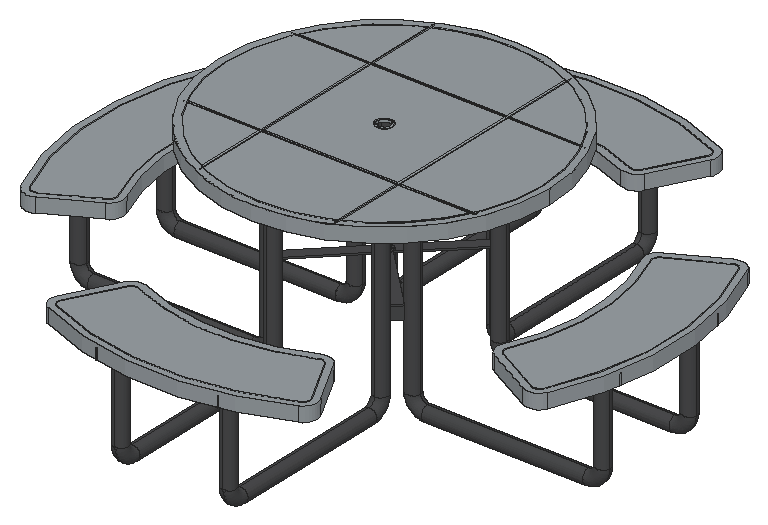
Revit family "OF-T46ROx-PERF", category Furniture, Revit 2020
Family settings
  Work Plane-Based = No
  Always vertical = Yes
  Cut with Voids When Loaded = No
  Shared = No
  Room Calculation Point = No
Parameters (values of type "OF-T46ROP-PERF")
  Top Panel [instance] = Getzen Gray Perforated
  Top Frame [instance] = Getzen Gray Solid
  Seat Panel [instance] = Getzen Gray Perforated
  Seat Frame [instance] = Getzen Gray Solid
  HS Seat Count = 8
  Frame [instance] = Getzen Black Solid
  Surface Mount = no
  Mount = no
  Model = "OF-T46ROP-PERF"
  In Ground = no
  ES Seat Count = 8
  Default Elevation = 0' - 0"
Types (3): name | Surface Mount | Mount | Model | In Ground
  OF-T46ROIG-PERF | no | yes | "OF-T46ROIG-PERF" | yes
  OF-T46ROP-PERF | no | no | "OF-T46ROP-PERF" | no
  OF-T46ROSM-PERF | yes | yes | "OF-T46ROSM-PERF" | no
Reference planes (in)
  plane 1 "Center (Front/Back)": y = 0
  plane 2: z = 0
  plane 3 "Center (Left/Right)": x = 0
  plane 4 "29"": z = 29.5
  plane 5 "Seat Height": z = 16.5
Forms (in)
  Extrusion 1, solid, material "Getzen Gray Solid" <- "Seat Frame"
    sketch origin (0, 0, 0) x (1, 0, 0) y (0, 1, 0)
      loop
        arc (-36.58456, -17.37296) -> (-35.39958, -18.41597) -> (-33.8273, -18.27467) r 2
        line (-33.8273, -18.27467) -> (-26.99715, -14.58479)
        arc (-26.99715, -14.58479) -> (-26.05096, -13.45927) -> (-26.13003, -11.991) r 2
        arc (-26.13003, -11.991) -> (-28.75, 0) -> (-26.13003, 11.991) r 28.75
        arc (-26.13003, 11.991) -> (-26.05096, 13.45927) -> (-26.99715, 14.58479) r 2
        line (-26.99715, 14.58479) -> (-33.8273, 18.27467)
        arc (-33.8273, 18.27467) -> (-35.39958, 18.41597) -> (-36.58456, 17.37296) r 2
        arc (-36.58456, 17.37296) -> (-40.5, 0) -> (-36.58456, -17.37296) r 40.5
      loop
        arc (-35.68124, 16.944) -> (-39.5, 0) -> (-35.68124, -16.944) r 39.5
        arc (-35.68124, -16.944) -> (-35.08875, -17.4655) -> (-34.30261, -17.39486) r 1
        line (-34.30261, -17.39486) -> (-27.47246, -13.70497)
        arc (-27.47246, -13.70497) -> (-26.99936, -13.14221) -> (-27.0389, -12.40808) r 1
        arc (-27.0389, -12.40808) -> (-29.75, 0) -> (-27.0389, 12.40808) r 29.75
        arc (-27.0389, 12.40808) -> (-26.99936, 13.14221) -> (-27.47246, 13.70497) r 1
        line (-27.47246, 13.70497) -> (-34.30261, 17.39486)
        arc (-34.30261, 17.39486) -> (-35.08875, 17.4655) -> (-35.68124, 16.944) r 1
    from 14.5 to 16.5
  Extrusion 2, solid, material "Getzen Gray Perforated" <- "Seat Panel"
    sketch origin (0, 0, 0) x (1, 0, 0) y (0, 1, 0)
      loop
        arc (-34.30261, 17.39486) -> (-35.08875, 17.4655) -> (-35.68124, 16.944) r 1
        arc (-35.68124, 16.944) -> (-39.5, 0) -> (-35.68124, -16.944) r 39.5
        arc (-35.68124, -16.944) -> (-35.08875, -17.4655) -> (-34.30261, -17.39486) r 1
        line (-34.30261, -17.39486) -> (-27.47246, -13.70497)
        arc (-27.47246, -13.70497) -> (-26.99936, -13.14221) -> (-27.0389, -12.40808) r 1
        arc (-27.0389, -12.40808) -> (-29.75, 0) -> (-27.0389, 12.40808) r 29.75
        arc (-27.0389, 12.40808) -> (-26.99936, 13.14221) -> (-27.47246, 13.70497) r 1
        line (-27.47246, 13.70497) -> (-34.30261, 17.39486)
    from 16.375 to 16.5
  Extrusion 3, solid, material "Getzen Gray Solid" <- "Top Frame"
    sketch origin (0, 0, 0) x (1, 0, 0) y (0, 1, 0)
      loop
        circle (0, 0) r 23
      loop
        circle (0, 0) r 22
    from 27.5 to 29.5
  Extrusion 4, solid, material "Getzen Gray Perforated" <- "Top Panel"
    sketch origin (0, 0, 0) x (1, 0, 0) y (0, 1, 0)
      loop
        circle (0, 0) r 22
      loop
        circle (0, 0) r 1.128
    from 29.375 to 29.5
  Extrusion 5, solid, material "Getzen Gray Solid" <- "Seat Frame"
    sketch origin (0, 0, 1.5) x (0, 1, 0) y (0, 0, 1)
      loop
        line (8.5, 13) -> (8.5, 14.5) -> (8.375, 14.5) -> (8.375, 13.125) -> (6.5, 13.125) -> (6.5, 13) -> (8.5, 13)
      loop
        line (-8.5, 13) -> (-6.5, 13) -> (-6.5, 13.125) -> (-8.375, 13.125) -> (-8.375, 14.5) -> (-8.5, 14.5) -> (-8.5, 13)
    from -28.36081 to -39.48813
  Sweep 6, solid, material "Getzen Black Solid" <- "Frame"
    path origin (0, 0, 0) x (1, 0, 0) y (0, 0, 1)
      loop
        line (-10, 27.5) -> (-10, 3)
        arc (-10, 3) -> (-10.58579, 1.58579) -> (-12, 1) r 2
        line (-12, 1) -> (-34.375, 1)
        arc (-34.375, 1) -> (-35.78921, 1.58579) -> (-36.375, 3) r 2
        line (-36.375, 3) -> (-36.375, 14.5)
    profile origin (-10, 0, 15.25) x (0, -1, 0) y (1, 0, 0)
      loop
        circle (7.5, 0) r 1
  Sweep 7, solid, material "Getzen Black Solid" <- "Frame"
    path origin (0, -0.5, 0) x (1, 0, 0) y (0, 0, -1)
      loop
        line (-10, -27.5) -> (-10, -3)
        arc (-10, -3) -> (-10.58579, -1.58579) -> (-12, -1) r 2
        line (-12, -1) -> (-34.375, -1)
        arc (-34.375, -1) -> (-35.78921, -1.58579) -> (-36.375, -3) r 2
        line (-36.375, -3) -> (-36.375, -14.5)
    profile origin (-10, -0.5, 15.25) x (0, 1, 0) y (-1, 0, 0)
      loop
        circle (8, 0) r 1
  Extrusion 8, solid, material "Getzen Gray Solid" <- "Top Frame"
    sketch origin (0, 0, 0) x (1, 0, 0) y (0, 1, 0)
      loop
        line (-9.375, 9.375) -> (-9.375, -9.375) -> (9.375, -9.375) -> (9.375, 9.375) -> (-9.375, 9.375)
      loop
        line (9.625, 9.375) -> (20.375, 9.375) -> (20.125, 9.625) -> (9.625, 9.625) -> (9.625, 20.28281) -> (9.375, 20.375) -> (9.375, 9.625) -> (-9.375, 9.625) -> (-9.375, 20.375) -> (-9.625, 20.28281) -> (-9.625, 9.625) -> (-20.125, 9.625) -> (-20.375, 9.375) -> (-9.625, 9.375) -> (-9.625, -9.375) -> (-20.375, -9.375) -> (-20.125, -9.625) -> (-9.625, -9.625) -> (-9.625, -20.28281) -> (-9.375, -20.375) -> (-9.375, -9.625) -> (9.375, -9.625) -> (9.375, -20.375) -> (9.625, -20.28281) -> (9.625, -9.625) -> (20.125, -9.625) -> (20.375, -9.375) -> (9.625, -9.375) -> (9.625, 9.375)
    from 27.5 to 29.5
  Extrusion 9, solid, material "Getzen Gray Solid" <- "Seat Frame"
    sketch origin (0, 0, 0) x (-1, 0, 0) y (0, -1, 0)
      loop
        arc (-36.58456, 17.37296) -> (-40.5, 0) -> (-36.58456, -17.37296) r 40.5
        arc (-36.58456, -17.37296) -> (-35.39958, -18.41597) -> (-33.8273, -18.27467) r 2
        line (-33.8273, -18.27467) -> (-26.99715, -14.58479)
        arc (-26.99715, -14.58479) -> (-26.05096, -13.45927) -> (-26.13003, -11.991) r 2
        arc (-26.13003, -11.991) -> (-28.75, 0) -> (-26.13003, 11.991) r 28.75
        arc (-26.13003, 11.991) -> (-26.05096, 13.45927) -> (-26.99715, 14.58479) r 2
        line (-26.99715, 14.58479) -> (-33.8273, 18.27467)
        arc (-33.8273, 18.27467) -> (-35.39958, 18.41597) -> (-36.58456, 17.37296) r 2
      loop
        arc (-35.68124, -16.944) -> (-35.08875, -17.4655) -> (-34.30261, -17.39486) r 1
        line (-34.30261, -17.39486) -> (-27.47246, -13.70497)
        arc (-27.47246, -13.70497) -> (-26.99936, -13.14221) -> (-27.0389, -12.40808) r 1
        arc (-27.0389, -12.40808) -> (-29.75, 0) -> (-27.0389, 12.40808) r 29.75
        arc (-27.0389, 12.40808) -> (-26.99936, 13.14221) -> (-27.47246, 13.70497) r 1
        line (-27.47246, 13.70497) -> (-34.30261, 17.39486)
        arc (-34.30261, 17.39486) -> (-35.08875, 17.4655) -> (-35.68124, 16.944) r 1
        arc (-35.68124, 16.944) -> (-39.5, 0) -> (-35.68124, -16.944) r 39.5
    from 14.5 to 16.5
  Extrusion 10, solid, material "Getzen Gray Perforated" <- "Seat Panel"
    sketch origin (0, 0, 0) x (-1, 0, 0) y (0, -1, 0)
      loop
        line (-34.30261, -17.39486) -> (-27.47246, -13.70497)
        arc (-27.47246, -13.70497) -> (-26.99936, -13.14221) -> (-27.0389, -12.40808) r 1
        arc (-27.0389, -12.40808) -> (-29.75, 0) -> (-27.0389, 12.40808) r 29.75
        arc (-27.0389, 12.40808) -> (-26.99936, 13.14221) -> (-27.47246, 13.70497) r 1
        line (-27.47246, 13.70497) -> (-34.30261, 17.39486)
        arc (-34.30261, 17.39486) -> (-35.08875, 17.4655) -> (-35.68124, 16.944) r 1
        arc (-35.68124, 16.944) -> (-39.5, 0) -> (-35.68124, -16.944) r 39.5
        arc (-35.68124, -16.944) -> (-35.08875, -17.4655) -> (-34.30261, -17.39486) r 1
    from 16.375 to 16.5
  Extrusion 11, solid, material "Getzen Gray Solid" <- "Seat Frame"
    sketch origin (0, 0, 1.5) x (0, 1, 0) y (0, 0, -1)
      loop
        line (8.5, -13) -> (6.5, -13) -> (6.5, -13.125) -> (8.375, -13.125) -> (8.375, -14.5) -> (8.5, -14.5) -> (8.5, -13)
      loop
        line (-8.5, -13) -> (-8.5, -14.5) -> (-8.375, -14.5) -> (-8.375, -13.125) -> (-6.5, -13.125) -> (-6.5, -13) -> (-8.5, -13)
    from -28.36081 to -39.48813
  Extrusion 12, solid, material "Getzen Gray Solid" <- "Seat Frame"
    sketch origin (0, 0, 0) x (0, 1, 0) y (-1, 0, 0)
      loop
        arc (-36.58456, -17.37296) -> (-35.39958, -18.41597) -> (-33.8273, -18.27467) r 2
        line (-33.8273, -18.27467) -> (-26.99715, -14.58479)
        arc (-26.99715, -14.58479) -> (-26.05096, -13.45927) -> (-26.13003, -11.991) r 2
        arc (-26.13003, -11.991) -> (-28.75, 0) -> (-26.13003, 11.991) r 28.75
        arc (-26.13003, 11.991) -> (-26.05096, 13.45927) -> (-26.99715, 14.58479) r 2
        line (-26.99715, 14.58479) -> (-33.8273, 18.27467)
        arc (-33.8273, 18.27467) -> (-35.39958, 18.41597) -> (-36.58456, 17.37296) r 2
        arc (-36.58456, 17.37296) -> (-40.5, 0) -> (-36.58456, -17.37296) r 40.5
      loop
        arc (-35.68124, 16.944) -> (-39.5, 0) -> (-35.68124, -16.944) r 39.5
        arc (-35.68124, -16.944) -> (-35.08875, -17.4655) -> (-34.30261, -17.39486) r 1
        line (-34.30261, -17.39486) -> (-27.47246, -13.70497)
        arc (-27.47246, -13.70497) -> (-26.99936, -13.14221) -> (-27.0389, -12.40808) r 1
        arc (-27.0389, -12.40808) -> (-29.75, 0) -> (-27.0389, 12.40808) r 29.75
        arc (-27.0389, 12.40808) -> (-26.99936, 13.14221) -> (-27.47246, 13.70497) r 1
        line (-27.47246, 13.70497) -> (-34.30261, 17.39486)
        arc (-34.30261, 17.39486) -> (-35.08875, 17.4655) -> (-35.68124, 16.944) r 1
    from 14.5 to 16.5
  Extrusion 13, solid, material "Getzen Gray Perforated" <- "Seat Panel"
    sketch origin (0, 0, 0) x (0, 1, 0) y (-1, 0, 0)
      loop
        arc (-34.30261, 17.39486) -> (-35.08875, 17.4655) -> (-35.68124, 16.944) r 1
        arc (-35.68124, 16.944) -> (-39.5, 0) -> (-35.68124, -16.944) r 39.5
        arc (-35.68124, -16.944) -> (-35.08875, -17.4655) -> (-34.30261, -17.39486) r 1
        line (-34.30261, -17.39486) -> (-27.47246, -13.70497)
        arc (-27.47246, -13.70497) -> (-26.99936, -13.14221) -> (-27.0389, -12.40808) r 1
        arc (-27.0389, -12.40808) -> (-29.75, 0) -> (-27.0389, 12.40808) r 29.75
        arc (-27.0389, 12.40808) -> (-26.99936, 13.14221) -> (-27.47246, 13.70497) r 1
        line (-27.47246, 13.70497) -> (-34.30261, 17.39486)
    from 16.375 to 16.5
  Extrusion 14, solid, material "Getzen Gray Solid" <- "Seat Frame"
    sketch origin (0, 0, 1.5) x (-1, 0, 0) y (0, 0, 1)
      loop
        line (8.5, 13) -> (8.5, 14.5) -> (8.375, 14.5) -> (8.375, 13.125) -> (6.5, 13.125) -> (6.5, 13) -> (8.5, 13)
      loop
        line (-8.5, 13) -> (-6.5, 13) -> (-6.5, 13.125) -> (-8.375, 13.125) -> (-8.375, 14.5) -> (-8.5, 14.5) -> (-8.5, 13)
    from -28.36081 to -39.48813
  Extrusion 15, solid, material "Getzen Gray Solid" <- "Seat Frame"
    sketch origin (0, 0, 0) x (0, -1, 0) y (1, 0, 0)
      loop
        arc (-36.58456, 17.37296) -> (-40.5, 0) -> (-36.58456, -17.37296) r 40.5
        arc (-36.58456, -17.37296) -> (-35.39958, -18.41597) -> (-33.8273, -18.27467) r 2
        line (-33.8273, -18.27467) -> (-26.99715, -14.58479)
        arc (-26.99715, -14.58479) -> (-26.05096, -13.45927) -> (-26.13003, -11.991) r 2
        arc (-26.13003, -11.991) -> (-28.75, 0) -> (-26.13003, 11.991) r 28.75
        arc (-26.13003, 11.991) -> (-26.05096, 13.45927) -> (-26.99715, 14.58479) r 2
        line (-26.99715, 14.58479) -> (-33.8273, 18.27467)
        arc (-33.8273, 18.27467) -> (-35.39958, 18.41597) -> (-36.58456, 17.37296) r 2
      loop
        arc (-35.68124, -16.944) -> (-35.08875, -17.4655) -> (-34.30261, -17.39486) r 1
        line (-34.30261, -17.39486) -> (-27.47246, -13.70497)
        arc (-27.47246, -13.70497) -> (-26.99936, -13.14221) -> (-27.0389, -12.40808) r 1
        arc (-27.0389, -12.40808) -> (-29.75, 0) -> (-27.0389, 12.40808) r 29.75
        arc (-27.0389, 12.40808) -> (-26.99936, 13.14221) -> (-27.47246, 13.70497) r 1
        line (-27.47246, 13.70497) -> (-34.30261, 17.39486)
        arc (-34.30261, 17.39486) -> (-35.08875, 17.4655) -> (-35.68124, 16.944) r 1
        arc (-35.68124, 16.944) -> (-39.5, 0) -> (-35.68124, -16.944) r 39.5
    from 14.5 to 16.5
  Extrusion 16, solid, material "Getzen Gray Perforated" <- "Seat Panel"
    sketch origin (0, 0, 0) x (0, -1, 0) y (1, 0, 0)
      loop
        line (-34.30261, -17.39486) -> (-27.47246, -13.70497)
        arc (-27.47246, -13.70497) -> (-26.99936, -13.14221) -> (-27.0389, -12.40808) r 1
        arc (-27.0389, -12.40808) -> (-29.75, 0) -> (-27.0389, 12.40808) r 29.75
        arc (-27.0389, 12.40808) -> (-26.99936, 13.14221) -> (-27.47246, 13.70497) r 1
        line (-27.47246, 13.70497) -> (-34.30261, 17.39486)
        arc (-34.30261, 17.39486) -> (-35.08875, 17.4655) -> (-35.68124, 16.944) r 1
        arc (-35.68124, 16.944) -> (-39.5, 0) -> (-35.68124, -16.944) r 39.5
        arc (-35.68124, -16.944) -> (-35.08875, -17.4655) -> (-34.30261, -17.39486) r 1
    from 16.375 to 16.5
  Extrusion 17, solid, material "Getzen Gray Solid" <- "Seat Frame"
    sketch origin (0, 0, 1.5) x (-1, 0, 0) y (0, 0, -1)
      loop
        line (8.5, -13) -> (6.5, -13) -> (6.5, -13.125) -> (8.375, -13.125) -> (8.375, -14.5) -> (8.5, -14.5) -> (8.5, -13)
      loop
        line (-8.5, -13) -> (-8.5, -14.5) -> (-8.375, -14.5) -> (-8.375, -13.125) -> (-6.5, -13.125) -> (-6.5, -13) -> (-8.5, -13)
    from -28.36081 to -39.48813
  Extrusion 18, solid, material "Getzen Black Solid" <- "Frame"
    sketch origin (0, 0, 0) x (1, 0, 0) y (0, 1, 0)
      loop
        line (-9.375, 8.28062) -> (-1.24327, 0.1489) -> (-0.1489, 1.24327) -> (-8.28062, 9.375) -> (-9.375, 8.28062)
      loop
        line (9.375, 8.28062) -> (8.28062, 9.375) -> (0.1489, 1.24327) -> (1.24327, 0.1489) -> (9.375, 8.28062)
      loop
        line (-9.375, -8.28062) -> (-8.28062, -9.375) -> (-0.1489, -1.24327) -> (-1.24327, -0.1489) -> (-9.375, -8.28062)
      loop
        line (9.375, -8.28062) -> (1.24327, -0.1489) -> (0.1489, -1.24327) -> (8.28062, -9.375) -> (9.375, -8.28062)
    from 13.75 to 14
  Extrusion 19, solid, material "Getzen Black Solid" <- "Frame"
    sketch origin (0, 0, 0) x (1, 0, 0) y (0, 1, 0)
      loop
        circle (0, 0) r 1.128
      loop
        circle (0, 0) r 0.875
    from 12 to 14
  Extrusion 20, solid, material "Getzen Black Solid" <- "Frame"
    sketch origin (0, 0, 0) x (1, 0, 0) y (0, 1, 0)
      loop
        line (-9.375, 8.28062) -> (-9.19822, 8.10385) -> (-8.10385, 9.19822) -> (-8.28062, 9.375) -> (-9.375, 8.28062)
      loop
        line (9.375, 8.28062) -> (8.28062, 9.375) -> (8.10385, 9.19822) -> (9.19822, 8.10385) -> (9.375, 8.28062)
      loop
        line (-9.375, -8.28062) -> (-8.28062, -9.375) -> (-8.10385, -9.19822) -> (-9.19822, -8.10385) -> (-9.375, -8.28062)
      loop
        line (9.375, -8.28062) -> (9.19822, -8.10385) -> (8.10385, -9.19822) -> (8.28062, -9.375) -> (9.375, -8.28062)
    from 12 to 13.75
  Extrusion 21, solid, material "Getzen Gray Solid" <- "Top Frame"
    sketch origin (0, 0, 0) x (1, 0, 0) y (0, 1, 0)
      loop
        circle (0, 0) r 0.875
      loop
        circle (0, 0) r 1.128
    from 29.25 to 29.5
  Extrusion 22, solid, material "Getzen Black Solid" <- "Frame", visible <- "Mount"
    sketch origin (0, 0, 0) x (1, 0, 0) y (0, 1, 0)
      loop
        circle (-23.1875, 9) r 0.75
    from 0 to 0.4257
  Extrusion 23, solid, material "Getzen Hardware", visible <- "Mount"
    sketch origin (0, 0, 0) x (1, 0, 0) y (0, 1, 0)
      loop
        circle (-23.1875, 9) r 0.375
    from 0.25 to 0.5
  Extrusion 24, solid, material "Getzen Hardware", visible <- "Surface Mount"
    sketch origin (0, 0, 0) x (1, 0, 0) y (0, 1, 0)
      loop
        circle (-23.1875, 9) r 1
    from -2 to 0
  Extrusion 25, solid, material "Getzen Hardware", visible <- "In Ground"
    sketch origin (0, 0, 0) x (1, 0, 0) y (0, 1, 0)
      loop
        circle (-23.1875, 9) r 2
    from -8 to 0
  Sweep 26, solid, material "Getzen Black Solid" <- "Frame"
    path origin (0, 0, 0) x (0, -1, 0) y (0, 0, 1)
      loop
        line (-10, 27.5) -> (-10, 3)
        arc (-10, 3) -> (-10.58579, 1.58579) -> (-12, 1) r 2
        line (-12, 1) -> (-34.375, 1)
        arc (-34.375, 1) -> (-35.78921, 1.58579) -> (-36.375, 3) r 2
        line (-36.375, 3) -> (-36.375, 14.5)
    profile origin (0, 10, 15.25) x (-1, 0, 0) y (0, -1, 0)
      loop
        circle (7.5, 0) r 1
  Sweep 27, solid, material "Getzen Black Solid" <- "Frame"
    path origin (-0.5, 0, 0) x (0, -1, 0) y (0, 0, -1)
      loop
        line (-10, -27.5) -> (-10, -3)
        arc (-10, -3) -> (-10.58579, -1.58579) -> (-12, -1) r 2
        line (-12, -1) -> (-34.375, -1)
        arc (-34.375, -1) -> (-35.78921, -1.58579) -> (-36.375, -3) r 2
        line (-36.375, -3) -> (-36.375, -14.5)
    profile origin (-0.5, 10, 15.25) x (1, 0, 0) y (0, 1, 0)
      loop
        circle (8, 0) r 1
  Extrusion 28, solid, material "Getzen Black Solid" <- "Frame", visible <- "Mount"
    sketch origin (0, 0, 0) x (0, -1, 0) y (1, 0, 0)
      loop
        circle (-23.1875, 9) r 0.75
    from 0 to 0.4257
  Extrusion 29, solid, material "Getzen Hardware", visible <- "Mount"
    sketch origin (0, 0, 0) x (0, -1, 0) y (1, 0, 0)
      loop
        circle (-23.1875, 9) r 0.375
    from 0.25 to 0.5
  Sweep 30, solid, material "Getzen Black Solid" <- "Frame"
    path origin (0, 0, 0) x (-1, 0, 0) y (0, 0, 1)
      loop
        line (-10, 27.5) -> (-10, 3)
        arc (-10, 3) -> (-10.58579, 1.58579) -> (-12, 1) r 2
        line (-12, 1) -> (-34.375, 1)
        arc (-34.375, 1) -> (-35.78921, 1.58579) -> (-36.375, 3) r 2
        line (-36.375, 3) -> (-36.375, 14.5)
    profile origin (10, 0, 15.25) x (0, 1, 0) y (-1, 0, 0)
      loop
        circle (7.5, 0) r 1
  Sweep 31, solid, material "Getzen Black Solid" <- "Frame"
    path origin (0, 0.5, 0) x (-1, 0, 0) y (0, 0, -1)
      loop
        line (-10, -27.5) -> (-10, -3)
        arc (-10, -3) -> (-10.58579, -1.58579) -> (-12, -1) r 2
        line (-12, -1) -> (-34.375, -1)
        arc (-34.375, -1) -> (-35.78921, -1.58579) -> (-36.375, -3) r 2
        line (-36.375, -3) -> (-36.375, -14.5)
    profile origin (10, 0.5, 15.25) x (0, -1, 0) y (1, 0, 0)
      loop
        circle (8, 0) r 1
  Extrusion 32, solid, material "Getzen Black Solid" <- "Frame", visible <- "Mount"
    sketch origin (0, 0, 0) x (-1, 0, 0) y (0, -1, 0)
      loop
        circle (-23.1875, 9) r 0.75
    from 0 to 0.4257
  Extrusion 33, solid, material "Getzen Hardware", visible <- "Mount"
    sketch origin (0, 0, 0) x (-1, 0, 0) y (0, -1, 0)
      loop
        circle (-23.1875, 9) r 0.375
    from 0.25 to 0.5
  Sweep 34, solid, material "Getzen Black Solid" <- "Frame"
    path origin (0, 0, 0) x (0, 1, 0) y (0, 0, 1)
      loop
        line (-10, 27.5) -> (-10, 3)
        arc (-10, 3) -> (-10.58579, 1.58579) -> (-12, 1) r 2
        line (-12, 1) -> (-34.375, 1)
        arc (-34.375, 1) -> (-35.78921, 1.58579) -> (-36.375, 3) r 2
        line (-36.375, 3) -> (-36.375, 14.5)
    profile origin (0, -10, 15.25) x (1, 0, 0) y (0, 1, 0)
      loop
        circle (7.5, 0) r 1
  Sweep 35, solid, material "Getzen Black Solid" <- "Frame"
    path origin (0.5, 0, 0) x (0, 1, 0) y (0, 0, -1)
      loop
        line (-10, -27.5) -> (-10, -3)
        arc (-10, -3) -> (-10.58579, -1.58579) -> (-12, -1) r 2
        line (-12, -1) -> (-34.375, -1)
        arc (-34.375, -1) -> (-35.78921, -1.58579) -> (-36.375, -3) r 2
        line (-36.375, -3) -> (-36.375, -14.5)
    profile origin (0.5, -10, 15.25) x (-1, 0, 0) y (0, -1, 0)
      loop
        circle (8, 0) r 1
  Extrusion 36, solid, material "Getzen Black Solid" <- "Frame", visible <- "Mount"
    sketch origin (0, 0, 0) x (0, 1, 0) y (-1, 0, 0)
      loop
        circle (-23.1875, 9) r 0.75
    from 0 to 0.4257
  Extrusion 37, solid, material "Getzen Hardware", visible <- "Mount"
    sketch origin (0, 0, 0) x (0, 1, 0) y (-1, 0, 0)
      loop
        circle (-23.1875, 9) r 0.375
    from 0.25 to 0.5
  Extrusion 38, solid, material "Getzen Hardware", visible <- "Surface Mount"
    sketch origin (0, 0, 0) x (0, -1, 0) y (1, 0, 0)
      loop
        circle (-23.1875, 9) r 1
    from -2 to 0
  Extrusion 39, solid, material "Getzen Hardware", visible <- "In Ground"
    sketch origin (0, 0, 0) x (0, -1, 0) y (1, 0, 0)
      loop
        circle (-23.1875, 9) r 2
    from -8 to 0
  Extrusion 40, solid, material "Getzen Hardware", visible <- "Surface Mount"
    sketch origin (0, 0, 0) x (-1, 0, 0) y (0, -1, 0)
      loop
        circle (-23.1875, 9) r 1
    from -2 to 0
  Extrusion 41, solid, material "Getzen Hardware", visible <- "In Ground"
    sketch origin (0, 0, 0) x (-1, 0, 0) y (0, -1, 0)
      loop
        circle (-23.1875, 9) r 2
    from -8 to 0
  Extrusion 42, solid, material "Getzen Hardware", visible <- "Surface Mount"
    sketch origin (0, 0, 0) x (0, 1, 0) y (-1, 0, 0)
      loop
        circle (-23.1875, 9) r 1
    from -2 to 0
  Extrusion 43, solid, material "Getzen Hardware", visible <- "In Ground"
    sketch origin (0, 0, 0) x (0, 1, 0) y (-1, 0, 0)
      loop
        circle (-23.1875, 9) r 2
    from -8 to 0
Dimensions and locks (in)
  plane 4 "29"" to level = 2' - 5 1/2"
  plane 5 "Seat Height" to level = 1' - 4 1/2"
  aligned and locked: plane 2 to level
